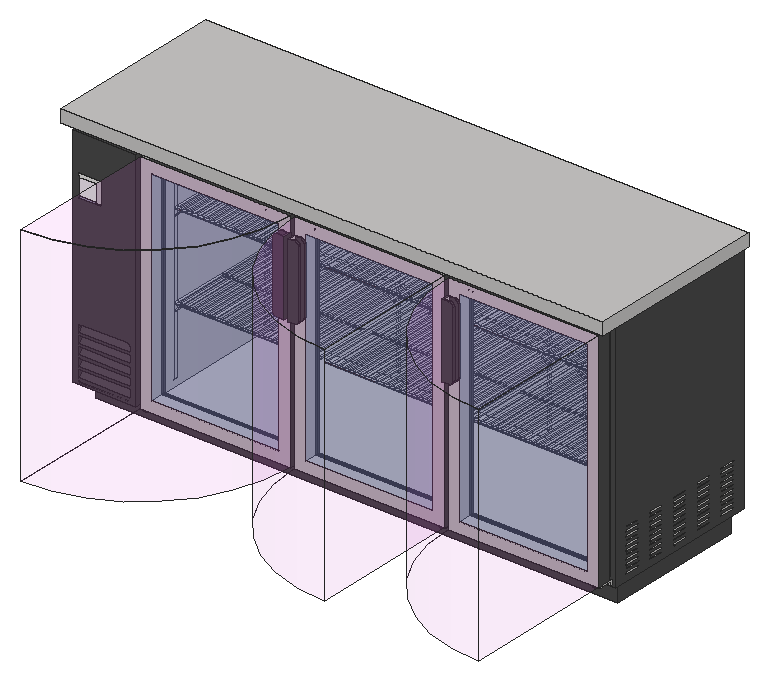
Revit family "QF_Kelvinator_738274_KCHBB72G", category Specialty Equipment, Revit 2021 (continued)
Definition of nested family "KCHBB48S"
  Definition of nested family "Family2"
    Automatic sketch dimensions
      profile plane to Sweep 29 sketch curve = 33.51221"
      plane 4 "RIGHT" to Sweep 30 sketch curve = 0.65748"
      Sweep 30 sketch curve to Sweep 30 sketch curve = 1/2"
      Sweep 30 sketch curve to plane 10 = 0.81786"
      Sweep 30 sketch curve to plane 10 = 0.31786"
      level to Sweep 30 sketch curve = 10.9932"
      Sweep 30 sketch curve to Sweep 30 sketch curve = 1.08695"
      Sweep 30 sketch curve to Sweep 30 sketch curve = 1.10452"
      Sweep 30 sketch curve to profile plane = 0"
      profile plane to Sweep 30 sketch curve = 1/8"
      plane 4 "RIGHT" to Extrusion 31 sketch curve = 1.24728"
      Extrusion 31 sketch curve to Extrusion 31 sketch curve = 3/4"  (x19)
      Extrusion 31 sketch curve to Extrusion 31 sketch curve = 27/32"  (x2)
      Extrusion 31 sketch curve to Extrusion 31 sketch curve = 0.8492"
      Extrusion 31 sketch curve to Extrusion 31 sketch curve = 0.68205"
      level to Extrusion 31 sketch curve = 9.50541"
      Extrusion 31 sketch curve to Extrusion 31 sketch curve = 0"  (x23)
      plane 8 "Center X" to Extrusion 32 sketch curve = 3/8"
      level to Extrusion 32 sketch curve = 9.50501"
      Sweep 33 sketch curve to plane 12 = 0.27862"
      Sweep 33 sketch curve to Sweep 33 sketch curve = 1/4"  (x3)
      plane 11 to Sweep 33 sketch curve = 9/16"  (x2)
      plane 1 "BACK" to Sweep 33 sketch curve = 1/2"
      Sweep 33 sketch curve to plane 5 "FRONT" = 1 1/2"
      Sweep 33 sketch curve to profile plane = 0"
      profile plane to Sweep 33 sketch curve = 33.51221"
      Sweep 34 sketch curve to plane 12 = 0.40748"
      Sweep 34 sketch curve to Sweep 34 sketch curve = 1/2"  (x2)
      plane 11 to Sweep 34 sketch curve = 1.06786"
      Sweep 34 sketch curve to plane 6 "TOP" = 4.5068"
      Sweep 34 sketch curve to Sweep 34 sketch curve = 1.08695"
      Sweep 34 sketch curve to Sweep 34 sketch curve = 1.10452"
      Sweep 34 sketch curve to profile plane = 0"
      profile plane to Sweep 34 sketch curve = 1/8"
      Extrusion 35 sketch curve to plane 12 = 0.99728"
      Extrusion 35 sketch curve to Extrusion 35 sketch curve = 3/4"  (x17)
      plane 7 "Center Y" to Extrusion 35 sketch curve = 0.62772"
      Extrusion 35 sketch curve to plane 7 "Center Y" = 0.12228"
      Extrusion 35 sketch curve to Extrusion 35 sketch curve = 27/32"  (x2)
      Extrusion 35 sketch curve to Extrusion 35 sketch curve = 0.8492"
      Extrusion 35 sketch curve to Extrusion 35 sketch curve = 0.68205"
      Extrusion 35 sketch curve to plane 6 "TOP" = 5.99459"
      Extrusion 35 sketch curve to Extrusion 35 sketch curve = 0"  (x23)
      plane 8 "Center X" to Extrusion 36 sketch curve = 3/8"
      Extrusion 36 sketch curve to plane 6 "TOP" = 5.99499"
      Extrusion 37 sketch curve to plane 1 "BACK" = 0"
      Extrusion 37 sketch curve to level = 0"
      Extrusion 37 sketch curve to plane 6 "TOP" = 0"
      plane 1 "BACK" to Extrusion 37 sketch curve = 0.17678"
      level to Extrusion 37 sketch curve = 0.17678"
      Extrusion 37 sketch curve to plane 6 "TOP" = 0.17678"
      plane 1 "BACK" to Extrusion 38 sketch curve = 1.24159"  (x2)
      Extrusion 38 sketch curve to Extrusion 38 sketch curve = 0.02647"  (x4)
      Extrusion 38 sketch curve to Extrusion 38 sketch curve = 0.25771"  (x2)
      Extrusion 38 sketch curve to Extrusion 38 sketch curve = 0.01918"  (x4)
      plane 1 "BACK" to Extrusion 38 sketch curve = 0.17678"  (x4)
      level to Extrusion 38 sketch curve = 8.23066"
      Extrusion 38 sketch curve to Extrusion 38 sketch curve = 0.17678"  (x2)
      Extrusion 38 sketch curve to Extrusion 38 sketch curve = 0.78063"  (x2)
      Extrusion 38 sketch curve to Extrusion 38 sketch curve = 0.10741"  (x2)
      Extrusion 38 sketch curve to plane 6 "TOP" = 7.25371"
      Extrusion 39 sketch curve to plane 1 "BACK" = 0"
      Extrusion 39 sketch curve to level = 0"
      Extrusion 39 sketch curve to plane 6 "TOP" = 0"
      plane 1 "BACK" to Extrusion 39 sketch curve = 0.17678"
      level to Extrusion 39 sketch curve = 0.17678"
      Extrusion 39 sketch curve to plane 6 "TOP" = 0.17678"
      plane 1 "BACK" to Extrusion 40 sketch curve = 1.24159"  (x2)
      Extrusion 40 sketch curve to Extrusion 40 sketch curve = 0.02647"  (x4)
      Extrusion 40 sketch curve to Extrusion 40 sketch curve = 0.25771"  (x2)
      Extrusion 40 sketch curve to Extrusion 40 sketch curve = 0.01918"  (x4)
      plane 1 "BACK" to Extrusion 40 sketch curve = 0.17678"  (x4)
      level to Extrusion 40 sketch curve = 8.23066"
      Extrusion 40 sketch curve to Extrusion 40 sketch curve = 0.17678"  (x2)
      Extrusion 40 sketch curve to Extrusion 40 sketch curve = 0.78063"  (x2)
      Extrusion 40 sketch curve to Extrusion 40 sketch curve = 0.10741"  (x2)
      Extrusion 40 sketch curve to plane 6 "TOP" = 7.25371"
      Sweep 41 sketch curve to plane 12 = 0.27862"
      Sweep 41 sketch curve to Sweep 41 sketch curve = 1/4"  (x3)
      plane 11 to Sweep 41 sketch curve = 9/16"  (x2)
      plane 1 "BACK" to Sweep 41 sketch curve = 1/2"
      Sweep 41 sketch curve to plane 5 "FRONT" = 1 1/2"
      Sweep 41 sketch curve to profile plane = 0"
      profile plane to Sweep 41 sketch curve = 33.51221"
      Sweep 42 sketch curve to plane 12 = 0.40748"
      Sweep 42 sketch curve to Sweep 42 sketch curve = 1/2"  (x2)
      plane 11 to Sweep 42 sketch curve = 1.06786"
      level to Sweep 42 sketch curve = 10.9932"
      Sweep 42 sketch curve to Sweep 42 sketch curve = 1.08695"
      Sweep 42 sketch curve to Sweep 42 sketch curve = 1.10452"
      Sweep 42 sketch curve to profile plane = 0"
      profile plane to Sweep 42 sketch curve = 1/8"
      Extrusion 43 sketch curve to plane 12 = 0.99728"
      Extrusion 43 sketch curve to Extrusion 43 sketch curve = 3/4"  (x17)
      plane 7 "Center Y" to Extrusion 43 sketch curve = 0.62772"
      Extrusion 43 sketch curve to plane 7 "Center Y" = 0.12228"
      Extrusion 43 sketch curve to Extrusion 43 sketch curve = 27/32"  (x2)
      Extrusion 43 sketch curve to Extrusion 43 sketch curve = 0.8492"
      Extrusion 43 sketch curve to Extrusion 43 sketch curve = 0.68205"
      level to Extrusion 43 sketch curve = 9.50541"
      Extrusion 43 sketch curve to Extrusion 43 sketch curve = 0"  (x23)
      plane 8 "Center X" to Extrusion 44 sketch curve = 3/8"
      level to Extrusion 44 sketch curve = 9.50501"
      radius of Sweep 1 sketch curve = 1/8"
      radius of Sweep 2 sketch curve = 1/8"
      radius of Extrusion 3 sketch curve = 0.11607"
      radius of Extrusion 3 sketch curve = 15/128"  (x23)
      radius of Extrusion 4 sketch curve = 0.11366"
      radius of Sweep 17 sketch curve = 1/8"
      radius of Sweep 18 sketch curve = 1/8"
      radius of Extrusion 19 sketch curve = 0.11607"
      radius of Extrusion 19 sketch curve = 15/128"  (x23)
      radius of Extrusion 20 sketch curve = 0.11366"
      radius of Sweep 21 sketch curve = 1/8"
      radius of Sweep 22 sketch curve = 1/8"
      radius of Extrusion 23 sketch curve = 0.11607"
      radius of Extrusion 23 sketch curve = 15/128"  (x23)
      radius of Extrusion 24 sketch curve = 0.11366"
      radius of Sweep 29 sketch curve = 1/8"
      radius of Sweep 30 sketch curve = 1/8"
      radius of Extrusion 31 sketch curve = 0.11607"
      radius of Extrusion 31 sketch curve = 15/128"  (x23)
      radius of Extrusion 32 sketch curve = 0.11366"
      radius of Sweep 33 sketch curve = 1/8"
      radius of Sweep 34 sketch curve = 1/8"
      radius of Extrusion 35 sketch curve = 0.11607"
      radius of Extrusion 35 sketch curve = 15/128"  (x23)
      radius of Extrusion 36 sketch curve = 0.11366"
      radius of Sweep 41 sketch curve = 1/8"
      radius of Sweep 42 sketch curve = 1/8"
      radius of Extrusion 43 sketch curve = 0.11607"
      radius of Extrusion 43 sketch curve = 15/128"  (x23)
      radius of Extrusion 44 sketch curve = 0.11366"
